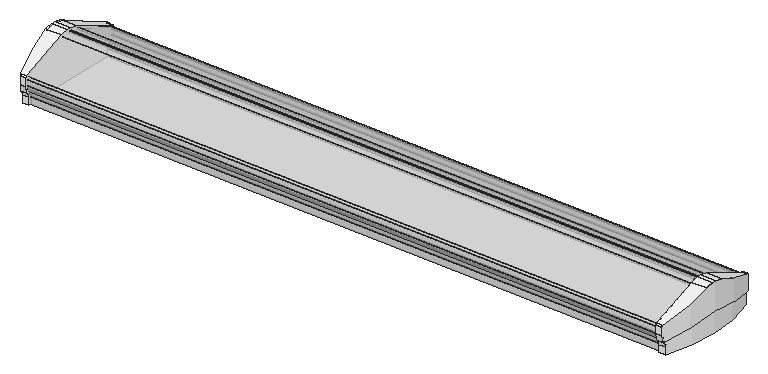
Revit family "0044899 Lighting Fixture_Sylvania_DeltaWing-LED-Electronic_Ceiling Surface", category Lighting Fixtures, host Face, Revit 2017
Family settings
  Host = Face
  Round Connector Dimension = Use Diameter
  Part Type = Normal
  OmniClass Number = 23.80.70.11.17
  OmniClass Title = Specialized Lighting by Location or Use
  Cut with Voids When Loaded = No
  Light Source = Yes
  Shared = No
  Room Calculation Point = No
Parameters (values of type "DELTAWING LED72 DALI MW 4K 1200")
  Width = 200.0 mm
  Weight = 3.50 kg
  Wattage = 70.5677 W
  built-in parameter 1150110 = 1 (stored number, unit not read)
  Voltage Comments = "UNV (Universal Voltage; 220-240 Volt)"  # constant formula
  Voltage = 230 V  # constant formula
  URL = "http://www.sylvania-lighting.com"
  built-in parameter 1114217 = 1 (stored number, unit not read)
  Tilt Angle = -90.00°
  built-in parameter 1150109 = 1 (stored number, unit not read)
  built-in parameter 1150134 = 12
  Ta Rating = "-10°C  to +25°C"  # constant formula
  built-in parameter 1150113 = 1 (stored number, unit not read)
  Product Page URL = "http://www.sylvania-lighting.com/product/en-int/products/0044899"
  Product Family = "DELTAWING LED - ELECTRONIC"  # constant formula
  Photometry Comments = ""
  Photometric Web File = "0044899_DELTAWINGLED72DALIMW4K1200-198242.ies"
  Life = "50 000h"  # constant formula
  Length = 1218.0 mm
  LOR = "100%"
  Inrush Current (max. quantity per 16A C breaker) = "20"  # constant formula
  IP Rating = "IP44"  # constant formula
  IK Rating = "IK08"  # constant formula
  Height = 85.0 mm
  Glow Wire Test = 850 °C  # constant formula
  Glare Control = "UGR<23"  # constant formula
  Emit from Line Length = Length - 2.0 mm * 29  # 1160.0 mm
  Electrical Protection = "Class I"  # constant formula
  Drive Current = "250mA"  # constant formula
  built-in parameter 1114216 [instance] = 1 (stored number, unit not read)
  Cap Material = Plastic_Sylvania_DeltaWing_White
  Model = "DELTAWING LED72 DALI MW 4K 1200"
  Manufacturer = "Feilo Sylvania"
  built-in parameter 1150105 = 2317.4 (stored number, unit not read)
  Lumens = 7260 lm
  built-in parameter 1150115 = 1 (stored number, unit not read)
  built-in parameter 1150137 = (empty or 0)
  built-in parameter 1150139 = (empty or 0)
  built-in parameter 1150112 = 1 (stored number, unit not read)
  built-in parameter 1150114 = 1 (stored number, unit not read)
  Lamp = "\tIntegrated LED"  # constant formula
  built-in parameter 1150132 = 2
  built-in parameter 1150102 = (empty or 0)
  built-in parameter 1150107 = 4000 (stored number, unit not read)
  built-in parameter 1150138 = (empty or 0)
  built-in parameter 1150106 = 23.174 (stored number, unit not read)
  CRI (Ra) = "> 80"  # constant formula
  Body Material = Steel_Sylvania_DeltaWing_White
  built-in parameter 1150104 = 9.5579 (stored number, unit not read)
  Dimming Lamp Color Temperature Shift = <None>
  Diffuser Material = Polycarbonate_Sylvania_DeltaWing_Opal_4000K
  Description = "Low profile surface and suspended LED diffuser luminaire DeltaWing LED is perfect to fulfil a wide range of applications, including educational environments, medical buildings, storage facilities and circulation areas including stairwells High performance: delivers up to 7,260lm (luminaire lumen output on 4,000K version), and up to 102lm/W (total system efficiency) Available in neutral white (4,000K) and warm white (3,000K) Smooth Polycarbonate extruded diffuser provides high efficiency, while minimising glare Precision prisms designed to optimise light output and reduce glare Options of non-dimmable, DALI, 3 hour maintained Emergency and Integrated Microwave sensor as standard Integrated Microwave sensor mounted discretely behind the diffuser helps further reduce energy and maintenance bills Suitable for suspended mounting using wire suspension kit (to be ordered seperately) BESA box connection possibility standard on product Long lifetime: 50,000 hours life at 70% of the original output L70 Energy class: A++, A+, A"  # constant formula
  Default Elevation = 0.0 mm
  Color Filter = 16777215
  Catalog Number = "0044899 DELTAWING LED72 DALI MW 4K 1200"
  built-in parameter 1140040 [instance] = 1
  built-in parameter 1114218 = 1 (stored number, unit not read)
  built-in parameter 1150133 = 10 (stored number, unit not read)
  Assembly Code = "D5020200"
  Apparent Load = 71 VA
Reference planes
  plane 1 "Center (Front/Back)": y = 0
  plane 2 "Fixture Top": z = 0
  plane 3 "Center (Left/Right)": x = 0
  plane 4 "Fixture Left": x = -609
  plane 5 "Fixture Right": x = 609
  plane 6 "Fixture Back": y = 100
  plane 7 "Fixture Front": y = -100
  plane 8 "Cap left": x = -580
  plane 9 "Cap Right": x = 580
  plane 10 "Lamp Plane": z = 22
  plane 11 "Fixture Bottom": z = 85
  plane 12: y = 20
  plane 13: y = -20
Forms (mm)
  Extrusion 1, solid, material "Steel_Sylvania_DeltaWing_White" <- "Body Material", detail levels fine
    sketch origin (0, 0, 0) x (0, 1, 0) y (0, 0, 1)
      loop
        line (-88.5, 0) -> (88.5, 0) -> (88.5, 13.239) -> (90.848, 22) -> (88.777, 22) -> (86.5, 13.502) -> (86.5, 2) -> (-86.5, 2) -> (-86.5, 13.502) -> (-88.777, 22) -> (-90.848, 22) -> (-88.5, 13.239) -> (-88.5, 0)
    from -580 to 580
  Extrusion 2, solid, material "Polycarbonate_Sylvania_DeltaWing_Opal_4000K" <- "Diffuser Material", detail levels fine
    sketch origin (0, 0, 0) x (0, 1, 0) y (0, 0, 1)
      loop
        line (96, 33.502) -> (94.018, 26.104) -> (92.041, 26.455) -> (88.5, 13.239) -> (88.5, 0) -> (90.5, 0) -> (90.5, 12.975) -> (93.498, 24.165) -> (95.475, 23.815) -> (98, 33.238) -> (98, 44.42)
        arc (98, 44.42) -> (97.319, 46.653) -> (95.506, 48.125) r 4
        line (95.506, 48.125) -> (16.971, 80.055)
        arc (16.971, 80.055) -> (9.581, 82.257) -> (1.906, 83) r 40
        line (1.906, 83) -> (-1.906, 83)
        arc (-1.906, 83) -> (-9.581, 82.257) -> (-16.971, 80.055) r 40
        line (-16.971, 80.055) -> (-95.506, 48.125)
        arc (-95.506, 48.125) -> (-97.319, 46.653) -> (-98, 44.42) r 4
        line (-98, 44.42) -> (-98, 33.238) -> (-95.475, 23.815) -> (-93.498, 24.165) -> (-90.5, 12.975) -> (-90.5, 0) -> (-88.5, 0) -> (-88.5, 13.239) -> (-92.041, 26.455) -> (-94.018, 26.104) -> (-96, 33.502) -> (-96, 43.074)
        arc (-96, 43.074) -> (-95.319, 45.307) -> (-93.506, 46.779) r 4
        line (-93.506, 46.779) -> (-15.978, 78.299)
        arc (-15.978, 78.299) -> (-9.922, 80.17) -> (-3.638, 81) r 37.685
        line (-3.638, 81) -> (3.638, 81)
        arc (3.638, 81) -> (9.922, 80.17) -> (15.978, 78.299) r 37.685
        line (15.978, 78.299) -> (93.506, 46.779)
        arc (93.506, 46.779) -> (95.319, 45.307) -> (96, 43.074) r 4
        line (96, 43.074) -> (96, 33.502)
    from -580 to 580
  Extrusion 3, solid, material "Steel_Sylvania_DeltaWing_White" <- "Body Material", detail levels coarse+medium
    sketch origin (0, 0, 0) x (0, 1, 0) y (0, 0, 1)
      loop
        line (-16.971, 80.055) -> (-95.506, 48.125)
        arc (-95.506, 48.125) -> (-97.319, 46.653) -> (-98, 44.42) r 4
        line (-98, 44.42) -> (-98, 33.238) -> (-95.475, 23.815) -> (-93.498, 24.165) -> (-90.5, 12.975) -> (-90.5, 0) -> (90.5, 0) -> (90.5, 12.975) -> (93.498, 24.165) -> (95.475, 23.815) -> (98, 33.238) -> (98, 44.42)
        arc (98, 44.42) -> (97.319, 46.653) -> (95.506, 48.125) r 4
        line (95.506, 48.125) -> (16.971, 80.055)
        arc (16.971, 80.055) -> (9.581, 82.257) -> (1.906, 83) r 40
        line (1.906, 83) -> (-1.906, 83)
        arc (-1.906, 83) -> (-9.581, 82.257) -> (-16.971, 80.055) r 40
    from -580 to 580
Dimensions and locks
  equal spacing: plane 4 "Fixture Left", plane 3 "Center (Left/Right)", plane 5 "Fixture Right"
  "Length": plane 4 "Fixture Left" to plane 5 "Fixture Right"
  locked: plane 4 "Fixture Left" to plane 8 "Cap left" at 29
  locked: plane 9 "Cap Right" to plane 5 "Fixture Right" at 29
  "Height": plane 11 "Fixture Bottom" to plane 2 "Fixture Top"
  equal spacing: plane 6 "Fixture Back", plane 1 "Center (Front/Back)", plane 7 "Fixture Front"
  "Width": plane 6 "Fixture Back" to plane 7 "Fixture Front"
  equal spacing: plane 12, plane 1 "Center (Front/Back)", plane 13
  locked: Extrusion 1 sketch curve to Extrusion 1 sketch curve at 2
  locked: plane 10 "Lamp Plane" to Extrusion 1 sketch curve at 8.498  (x2)
  aligned and locked: level to host face
  aligned and locked: nested 1 to plane 1 "Center (Front/Back)"
  aligned and locked: nested 1 to plane 5 "Fixture Right"
  aligned and locked: nested 2 to plane 4 "Fixture Left"
  aligned and locked: plane 2 "Fixture Top" to Extrusion 1 sketch curve
  aligned and locked: Extrusion 1 to plane 8 "Cap left"
  aligned and locked: plane 9 "Cap Right" to Extrusion 1
  aligned and locked: Extrusion 2 to plane 8 "Cap left"
  aligned and locked: plane 9 "Cap Right" to Extrusion 2
  aligned and locked: Extrusion 3 sketch curve to Extrusion 2  (x2)
  aligned and locked: Extrusion 3 to plane 8 "Cap left"
  aligned and locked: plane 9 "Cap Right" to Extrusion 3
  aligned and locked: plane 2 "Fixture Top" to nested 2
  aligned and locked: nested 1 to plane 2 "Fixture Top"
  aligned and locked: plane 10 "Lamp Plane" to Extrusion 1 sketch curve  (x2)
  aligned and locked: Extrusion 3 sketch curve to plane 2 "Fixture Top"
  aligned and locked: plane 2 "Fixture Top" to Extrusion 2 sketch curve
  aligned and locked: Extrusion 2 sketch curve to plane 2 "Fixture Top"
  aligned and locked: imposter light to plane 1 "Center (Front/Back)"
  aligned and locked: plane 3 "Center (Left/Right)" to imposter light
  aligned and locked: plane 11 "Fixture Bottom" to imposter light
Automatic sketch dimensions
  host sketch curve to host sketch curve = 1713.741 mm
  host sketch curve to host sketch curve = 1283.632 mm
  plane 7 "Fixture Front" to Extrusion 2 sketch curve = 2.0 mm
  Extrusion 2 sketch curve to plane 10 "Lamp Plane" = 9.025 mm  (x2)
  Extrusion 2 sketch curve to Extrusion 2 sketch curve = 2.0 mm  (x8)
  Extrusion 2 sketch curve to Extrusion 2 sketch curve = 2.494 mm
  plane 10 "Lamp Plane" to Extrusion 2 sketch curve = 1.815 mm  (x2)
  plane 7 "Fixture Front" to Extrusion 2 sketch curve = 4.525 mm
  Extrusion 2 sketch curve to Extrusion 2 sketch curve = 1.457 mm  (x2)
  plane 10 "Lamp Plane" to Extrusion 2 sketch curve = 2.165 mm  (x2)
  Extrusion 2 sketch curve to Extrusion 2 sketch curve = 0.52 mm
  Extrusion 2 sketch curve to Extrusion 2 sketch curve = 1.977 mm  (x3)
  plane 7 "Fixture Front" to Extrusion 2 sketch curve = 9.5 mm
  plane 13 to Extrusion 2 sketch curve = 3.029 mm
  Extrusion 2 sketch curve to Extrusion 2 sketch curve = 0.993 mm  (x2)
  plane 1 "Center (Front/Back)" to Extrusion 2 sketch curve = 3.638 mm
  plane 1 "Center (Front/Back)" to Extrusion 2 sketch curve = 1.906 mm
  Extrusion 2 sketch curve to plane 1 "Center (Front/Back)" = 1.906 mm
  Extrusion 2 sketch curve to Extrusion 2 sketch curve = 1.732 mm
  plane 12 to Extrusion 2 sketch curve = 4.022 mm
  Extrusion 2 sketch curve to plane 6 "Fixture Back" = 11.5 mm
  Extrusion 2 sketch curve to plane 6 "Fixture Back" = 7.959 mm
  Extrusion 2 sketch curve to plane 6 "Fixture Back" = 6.494 mm
  Extrusion 2 sketch curve to plane 6 "Fixture Back" = 4.0 mm
  Extrusion 2 sketch curve to plane 6 "Fixture Back" = 2.0 mm
  Extrusion 2 sketch curve to Extrusion 2 sketch curve = 0.041 mm  (x2)
  Extrusion 2 sketch curve to Extrusion 2 sketch curve = 1.506 mm
  Extrusion 2 sketch curve to Extrusion 2 sketch curve = 0.494 mm
  Extrusion 2 sketch curve to Extrusion 2 sketch curve = 0.263 mm  (x4)
  Extrusion 2 sketch curve to Extrusion 2 sketch curve = 1.939 mm  (x2)
  Extrusion 2 sketch curve to Extrusion 2 sketch curve = 0.351 mm  (x2)
  Extrusion 2 sketch curve to Extrusion 2 sketch curve = 7.134 mm  (x2)
  Extrusion 2 sketch curve to Extrusion 2 sketch curve = 9.572 mm  (x2)
  Extrusion 2 sketch curve to Extrusion 2 sketch curve = 1.346 mm  (x2)
  Extrusion 2 sketch curve to plane 11 "Fixture Bottom" = 6.701 mm
  Extrusion 2 sketch curve to Extrusion 2 sketch curve = 0.0 mm
  Extrusion 2 sketch curve to Extrusion 2 sketch curve = 1.755 mm  (x2)
  Extrusion 2 sketch curve to Extrusion 2 sketch curve = 2.701 mm
  Extrusion 1 sketch curve to Extrusion 1 sketch curve = 2.0 mm  (x2)
  Extrusion 1 sketch curve to Extrusion 1 sketch curve = 0.263 mm  (x2)
  Extrusion 1 sketch curve to Extrusion 1 sketch curve = 2.071 mm  (x2)
  plane 7 "Fixture Front" to Extrusion 1 sketch curve = 9.152 mm
  plane 13 to Extrusion 3 sketch curve = 3.029 mm
  Extrusion 3 sketch curve to Extrusion 3 sketch curve = 1.506 mm  (x2)
  Extrusion 3 sketch curve to Extrusion 3 sketch curve = 11.181 mm  (x2)
  plane 10 "Lamp Plane" to Extrusion 3 sketch curve = 1.815 mm  (x2)
  plane 7 "Fixture Front" to Extrusion 3 sketch curve = 4.525 mm
  plane 10 "Lamp Plane" to Extrusion 3 sketch curve = 2.165 mm  (x2)
  Extrusion 3 sketch curve to Extrusion 3 sketch curve = 1.977 mm  (x2)
  plane 7 "Fixture Front" to Extrusion 3 sketch curve = 9.5 mm
  Extrusion 3 sketch curve to plane 10 "Lamp Plane" = 9.025 mm  (x2)
  plane 1 "Center (Front/Back)" to Extrusion 3 sketch curve = 1.906 mm
  plane 10 "Lamp Plane" to Extrusion 3 sketch curve = 21.0 mm
  plane 12 to Extrusion 3 sketch curve = 3.029 mm
  Extrusion 3 sketch curve to plane 1 "Center (Front/Back)" = 1.906 mm
  Extrusion 3 sketch curve to plane 6 "Fixture Back" = 4.494 mm
  Extrusion 3 sketch curve to Extrusion 3 sketch curve = 0.0 mm
  plane 10 "Lamp Plane" to Extrusion 3 sketch curve = 26.125 mm
  Extrusion 3 sketch curve to plane 6 "Fixture Back" = 2.0 mm
  Extrusion 3 sketch curve to plane 6 "Fixture Back" = 4.525 mm
  Extrusion 3 sketch curve to plane 6 "Fixture Back" = 9.5 mm
  Extrusion 1 sketch curve to plane 6 "Fixture Back" = 11.223 mm
  plane 7 "Fixture Front" to Extrusion 1 sketch curve = 11.5 mm
  Extrusion 1 sketch curve to plane 6 "Fixture Back" = 13.5 mm
Nested families
  nested 1: "Cap" at (580, 0, 0) x (0, 1, 0) z (0, 0, 1), type "Type"
  nested 2: "Cap" at (-580, 0, 0) x (0, 1, 0) z (0, 0, 1), type "Type"
Connectors
  electrical at (0, 0, 0), driven by "Voltage", driven by "Apparent Load"
    settings: on Extrusion 1, index 1, voltage 230 V, apparent load 0 VA, apparent load phase1 71 VA, apparent load phase2 0 VA, apparent load phase3 0 VA, power factor 1, load classification "Lighting", number of poles 1, system type 31, power factor state 1, is connector primary yes, connector utility no, sub classification motor no, connector description ""
Definition of nested family "Cap"
  Parameters
    Height = 85.0 mm
    Width = 200.0 mm
    Default Elevation = 0.0 mm
    Cap Material = none
  Reference planes
    plane 1 "Center (Front/Back)": y = 0
    plane 2: z = 0
    plane 3 "Center (Left/Right)": x = 0
    plane 4: x = 100
    plane 5: x = -100
    plane 6: y = -29
    plane 7: y = -10
    plane 8: z = 85
    plane 9: z = 17
    plane 10: z = 22
    plane 11: z = 37
  Forms (mm)
    Extrusion 1, solid, material <- "Cap Material"
      sketch origin (0, 0, 0) x (1, 0, 0) y (0, 1, 0)
        loop
          line (-100, 0) -> (-100, -10)
          arc (-100, -10) -> (0, -28.818) -> (100, -10) r 275.114
          line (100, -10) -> (100, 0) -> (-100, 0)
      from 0 to 85
    Extrusion 2, void
      sketch origin (0, 0, 0) x (1, 0, 0) y (0, 0, 1)
        loop
          line (-92.5, 0) -> (-92.5, 12.712) -> (-94.955, 21.876) -> (-96.887, 21.358) -> (-101.913, 40.115)
          arc (-101.913, 40.115) -> (-101.345, 45.755) -> (-97.183, 49.603) r 8
          line (-97.183, 49.603) -> (-17.481, 82.006)
          arc (-17.481, 82.006) -> (-8.901, 84.444) -> (0, 85) r 41.685
          arc (0, 85) -> (8.901, 84.444) -> (17.481, 82.006) r 41.685
          line (17.481, 82.006) -> (97.183, 49.603)
          arc (97.183, 49.603) -> (101.345, 45.755) -> (101.913, 40.115) r 8
          line (101.913, 40.115) -> (96.887, 21.358) -> (94.955, 21.876) -> (92.5, 12.712) -> (92.5, 0) -> (117.5, 0) -> (117.5, 106.013) -> (-117.5, 106.013) -> (-117.5, 0) -> (-92.5, 0)
      from 0 to 250
    Extrusion 3, void
      sketch origin (0, 0, 0) x (1, 0, 0) y (0, 0, 1)
        loop
          line (-94.955, 21.876) -> (-100, 20.524) -> (-100, 0) -> (100, 0) -> (100, 20.524) -> (94.955, 21.876) -> (10.419, 36.87)
          arc (10.419, 36.87) -> (0, 37.781) -> (-10.419, 36.87) r 60
          line (-10.419, 36.87) -> (-94.955, 21.876)
      from -68.585 to 250
    Extrusion 4, solid, material <- "Cap Material"
      sketch origin (0, 0, 0) x (1, 0, 0) y (0, 1, 0)
        loop
          line (-100, 0) -> (-100, -9.525)
          arc (-100, -9.525) -> (0.169, -27.445) -> (100, -7.727) r 275.114
          line (100, -7.727) -> (100, 0) -> (-100, 0)
      from 0 to 85
    Extrusion 5, void
      sketch origin (0, 0, 0) x (1, 0, 0) y (0, 0, 1)
        loop
          line (-92.5, 0) -> (-92.5, 12.712) -> (-94.955, 21.876) -> (-96.887, 21.358) -> (-101.913, 40.115)
          arc (-101.913, 40.115) -> (-101.345, 45.755) -> (-97.183, 49.603) r 8
          line (-97.183, 49.603) -> (-17.481, 82.006)
          arc (-17.481, 82.006) -> (-8.901, 84.444) -> (0, 85) r 41.685
          arc (0, 85) -> (8.901, 84.444) -> (17.481, 82.006) r 41.685
          line (17.481, 82.006) -> (97.183, 49.603)
          arc (97.183, 49.603) -> (101.345, 45.755) -> (101.913, 40.115) r 8
          line (101.913, 40.115) -> (96.887, 21.358) -> (94.955, 21.876) -> (92.5, 12.712) -> (92.5, 0) -> (117.5, 0) -> (117.5, 106.013) -> (-117.5, 106.013) -> (-117.5, 0) -> (-92.5, 0)
      from 0 to 250
  Cuts and joins
    Extrusion 2, Extrusion 3, Extrusion 5 cuts Extrusion 1
    Extrusion 5 cuts Extrusion 4
    joined: Extrusion 1, Extrusion 4
  Dimensions and locks
    equal spacing: plane 5, plane 3 "Center (Left/Right)", plane 4
    "Width": plane 5 to plane 4
    locked: plane 1 "Center (Front/Back)" to plane 6 at 29
    plane 1 "Center (Front/Back)" to plane 7 = 10.0 mm
    "Height": plane 8 to level
    plane 9 to plane 2 = 17.0 mm
    plane 10 to plane 9 = 5.0 mm
    Extrusion 2 sketch curve to plane 5 = 7.5 mm
    aligned and locked: level to plane 2
    aligned and locked: plane 1 "Center (Front/Back)" to Extrusion 1 sketch curve
    aligned and locked: Extrusion 1 sketch curve to plane 5
    aligned and locked: Extrusion 1 sketch curve to plane 4
    aligned and locked: plane 7 to Extrusion 1 sketch curve  (x2)
    aligned and locked: Extrusion 1 to plane 2
    aligned and locked: plane 8 to Extrusion 1
  Automatic sketch dimensions
    Extrusion 1 sketch curve to plane 1 "Center (Front/Back)" = 246.296 mm
    Extrusion 2 sketch curve to plane 5 = 17.5 mm
    Extrusion 2 sketch curve to plane 9 = 4.288 mm
    Extrusion 2 sketch curve to plane 3 "Center (Left/Right)" = 0.0 mm
    Extrusion 2 sketch curve to plane 8 = 0.0 mm
    Extrusion 2 sketch curve to plane 5 = 1.913 mm
    plane 5 to Extrusion 2 sketch curve = 2.817 mm
    plane 10 to Extrusion 2 sketch curve = 0.642 mm  (x2)
    plane 5 to Extrusion 2 sketch curve = 3.113 mm
    plane 10 to Extrusion 2 sketch curve = 0.124 mm  (x2)
    Extrusion 2 sketch curve to plane 8 = 2.994 mm  (x2)
    Extrusion 2 sketch curve to plane 3 "Center (Left/Right)" = 17.481 mm
    plane 3 "Center (Left/Right)" to Extrusion 2 sketch curve = 17.481 mm
    Extrusion 2 sketch curve to plane 4 = 7.5 mm
    Extrusion 2 sketch curve to plane 4 = 5.045 mm
    Extrusion 2 sketch curve to Extrusion 2 sketch curve = 1.932 mm
    Extrusion 2 sketch curve to plane 4 = 2.817 mm
    plane 4 to Extrusion 2 sketch curve = 1.913 mm
    plane 4 to Extrusion 2 sketch curve = 17.5 mm
    plane 5 to Extrusion 2 sketch curve = 5.814 mm
    Extrusion 2 sketch curve to plane 3 "Center (Left/Right)" = 1.865 mm
    plane 3 "Center (Left/Right)" to Extrusion 2 sketch curve = 1.865 mm
    Extrusion 2 sketch curve to plane 4 = 5.814 mm
    Extrusion 2 sketch curve to Extrusion 2 sketch curve = 9.488 mm  (x2)
    plane 8 to Extrusion 2 sketch curve = 21.013 mm
    Extrusion 2 sketch curve to level = 0.0 mm  (x2)
    Extrusion 3 sketch curve to plane 3 "Center (Left/Right)" = 0.0 mm
    plane 10 to Extrusion 3 sketch curve = 0.124 mm  (x2)
    Extrusion 3 sketch curve to plane 3 "Center (Left/Right)" = 10.419 mm
    plane 3 "Center (Left/Right)" to Extrusion 3 sketch curve = 10.419 mm
    plane 11 to Extrusion 3 sketch curve = 0.13 mm
    plane 10 to Extrusion 3 sketch curve = 1.476 mm  (x2)
    Extrusion 3 sketch curve to level = 0.0 mm
    Extrusion 3 sketch curve to plane 5 = 0.0 mm
    Extrusion 3 sketch curve to Extrusion 3 sketch curve = 22.219 mm
    plane 5 to Extrusion 3 sketch curve = 5.045 mm
    Extrusion 3 sketch curve to plane 4 = 5.045 mm
    plane 4 to Extrusion 3 sketch curve = 0.0 mm
    plane 1 "Center (Front/Back)" to Extrusion 4 sketch curve = 0.0 mm
    Extrusion 4 sketch curve to plane 5 = 0.0 mm
    Extrusion 4 sketch curve to plane 4 = 0.0 mm
    plane 7 to Extrusion 4 sketch curve = 2.273 mm
    plane 7 to Extrusion 4 sketch curve = 0.475 mm
    Extrusion 4 sketch curve to plane 1 "Center (Front/Back)" = 247.658 mm
    Extrusion 5 sketch curve to level = 0.0 mm  (x2)
    Extrusion 5 sketch curve to plane 5 = 17.5 mm
    Extrusion 5 sketch curve to plane 9 = 4.288 mm  (x2)
    Extrusion 5 sketch curve to plane 3 "Center (Left/Right)" = 0.0 mm
    Extrusion 5 sketch curve to plane 8 = 0.0 mm
    Extrusion 5 sketch curve to plane 5 = 1.913 mm
    plane 5 to Extrusion 5 sketch curve = 2.817 mm
    plane 10 to Extrusion 5 sketch curve = 0.642 mm  (x2)
    plane 5 to Extrusion 5 sketch curve = 3.113 mm
    plane 10 to Extrusion 5 sketch curve = 0.124 mm  (x2)
    Extrusion 5 sketch curve to Extrusion 5 sketch curve = 1.932 mm
    Extrusion 5 sketch curve to plane 8 = 2.994 mm  (x2)
    Extrusion 5 sketch curve to plane 3 "Center (Left/Right)" = 17.481 mm
    plane 3 "Center (Left/Right)" to Extrusion 5 sketch curve = 17.481 mm
    Extrusion 5 sketch curve to plane 4 = 7.5 mm
    Extrusion 5 sketch curve to plane 4 = 5.045 mm
    Extrusion 5 sketch curve to plane 4 = 2.817 mm
    plane 4 to Extrusion 5 sketch curve = 1.913 mm
    plane 4 to Extrusion 5 sketch curve = 17.5 mm
    plane 5 to Extrusion 5 sketch curve = 5.814 mm
    Extrusion 5 sketch curve to plane 3 "Center (Left/Right)" = 1.865 mm
    plane 3 "Center (Left/Right)" to Extrusion 5 sketch curve = 1.865 mm
    Extrusion 5 sketch curve to plane 4 = 5.814 mm
    Extrusion 5 sketch curve to Extrusion 5 sketch curve = 9.488 mm  (x2)
    plane 8 to Extrusion 5 sketch curve = 21.013 mm
